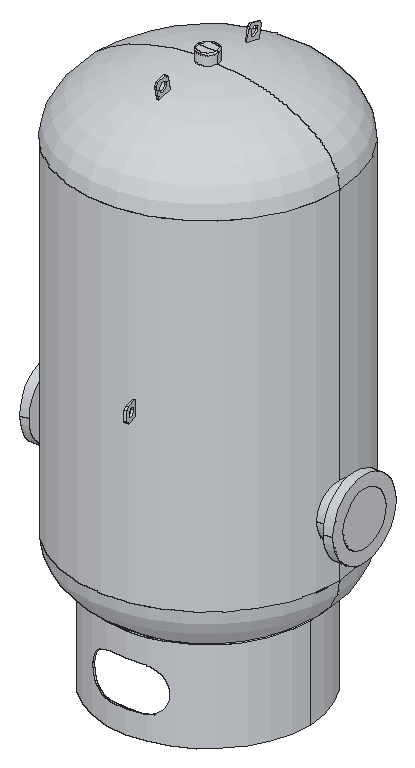
Revit family "CWBT850-10-125", category Mechanical Equipment, Revit 2014
Parameters (values of type "CWBT850-10-125")
  Tank Weight = "2771 lbs"
  Tank Volume = "850 Gal"
  Tank Height = "114 7/16\""
  Tank Diameter = "54\""
  Note = "All dimensions and weights are approximate"
  Maximum Acceptance Volume = "N/A"
  Max Operating Temp = "450° F"
  Max Operating Pressure = "125 psi"
  Connector Size = "10\""
Types (3): name
  (no name)
  CWBT850-6-125
  CWBT850-10-125
Reference planes (in)
  plane 1 "Center (Front/Back)": y = 0
  plane 2: z = 0
  plane 3 "Center (Left/Right)": x = 0
Forms (in)
  Extrusion 1, solid
    sketch origin (0, 0, 0) x (1, 0, 0) y (0, 1, 0)
      loop
        circle (0, 0) r 21
      loop
        circle (0, 0) r 20.75
    from 0 to 19
  Extrusion 2, void
    sketch origin (0, 0, 0) x (1, 0, 0) y (0, 0, 1)
      loop
        arc (-3.25, 14) -> (-7.875, 9.375) -> (-3.25, 4.75) r 4.625
        line (-3.25, 4.75) -> (3.25, 4.75)
        arc (3.25, 4.75) -> (7.875, 9.375) -> (3.25, 14) r 4.625
        line (3.25, 14) -> (-3.25, 14)
    from 0 to 22
  Revolve 3, solid
    sketch origin (0, 0, 0) x (1, 0, 0) y (0, 0, 1)
      loop
        line (0, 116.58259) -> (0, 11.83259) -> (1.875, 11.83259)
        arc (1.875, 11.83259) -> (2.05178, 11.90581) -> (2.125, 12.08259) r 0.25
        line (2.125, 12.08259) -> (2.125, 13.98057)
        spline (2.125, 13.98057) -> (5.44659, 14.23297) -> (8.68409, 14.70402) -> (11.78752, 15.38645) -> (14.70896, 16.26973) -> (17.4033, 17.3402) -> (19.82896, 18.58136) -> (21.94847, 19.97403) -> (23.72912, 21.49671) -> (25.14341, 23.1259) -> (26.16951, 24.83644) -> (26.79157, 26.60192) -> (27, 28.39509)
        line (27, 28.39509) -> (27, 100.02009)
        spline (27, 100.02009) -> (26.79157, 101.81325) -> (26.16951, 103.57873) -> (25.14341, 105.28927) -> (23.72912, 106.91846) -> (21.94847, 108.44114) -> (19.82896, 109.83381) -> (17.4033, 111.07497) -> (14.70896, 112.14545) -> (11.78752, 113.02872) -> (8.68409, 113.71115) -> (5.44659, 114.1822) -> (2.125, 114.4346)
        line (2.125, 114.4346) -> (2.125, 116.33259)
        arc (2.125, 116.33259) -> (2.05178, 116.50936) -> (1.875, 116.58259) r 0.25
        line (1.875, 116.58259) -> (0, 116.58259)
      axis (0, 116.58259) -> (0, 11.83259)
    angle from 0 to 360
  Extrusion 4, solid
    sketch origin (2.70841, -11.72192, 28.84944) x (-0.217304, 0.976104, 0) y (0, 0, 1)
      loop
        line (-14.96995, 36.86103) -> (-17.46995, 36.86103) -> (-17.96995, 36.36103) -> (-17.96995, 34.36103) -> (-17.46995, 33.86103) -> (-14.96995, 33.86103) -> (-14.96995, 36.86103)
      loop
        circle (-16.39156, 35.36103) r 1
    from -0.2511 to 0.23955
  Extrusion 5, solid
    sketch origin (0, 0, 0) x (0, 1, 0) y (0, 0, 1)
      loop
        line (-9.83439, 113.50525) -> (-10.4392, 115.93099) -> (-11.04531, 116.29518) -> (-12.9859, 115.81134) -> (-13.35009, 115.20523) -> (-12.75216, 112.80708) -> (-12.66675, 112.4645) -> (-9.74898, 113.16268) -> (-9.83439, 113.50525)
      loop
        circle (-11.6682, 114.60142) r 1.00233
      loop
        line (12.74986, 112.80763) -> (12.69168, 112.5645) -> (9.77391, 113.26268) -> (9.83439, 113.50525) -> (10.4392, 115.93099) -> (11.04531, 116.29518) -> (12.9859, 115.81134) -> (13.35009, 115.20523) -> (12.75216, 112.80708)
      loop
        circle (11.65444, 114.60471) r 0.9939
    from -0.1875 to 0.1875
  Extrusion 6, solid
    sketch origin (0, 0, 0) x (0, 1, 0) y (0, 0, 1)
      loop
        circle (0, 41.5) r 5.44
    from 0 to 32
  Extrusion 7, solid
    sketch origin (0, 0, 0) x (0, 1, 0) y (0, 0, 1)
      loop
        circle (0, 41.5) r 5.44
    from 0 to -32
  Extrusion 8, solid
    sketch origin (0, 0, 0) x (0, 1, 0) y (0, 0, 1)
      loop
        circle (0, 41.5) r 8
    from -30.0625 to -32
  Extrusion 9, solid
    sketch origin (0, 0, 0) x (0, 1, 0) y (0, 0, 1)
      loop
        circle (0, 41.5) r 8
    from 30.0625 to 32
Cuts and joins
  Extrusion 2 cuts Extrusion 1
Dimensions and locks (in)
  Extrusion 4 sketch curve to Extrusion 4 sketch curve = 1 1/2"  (x2)
  aligned and locked: level to plane 2
